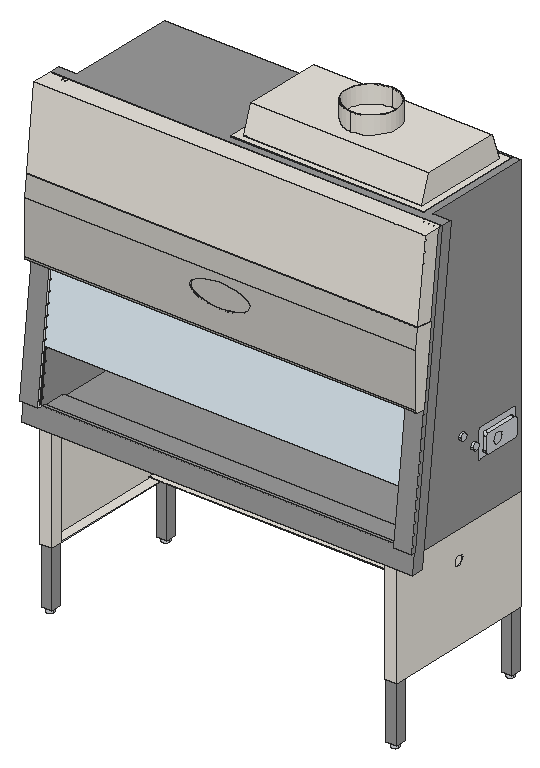
Revit family "NU-545_115V Class II Type A2 BSC", category Mechanical Equipment, Revit 2018
Family settings
  Round Connector Dimension = Use Diameter
  Part Type = Normal
  OmniClass Number = 23.75.00.00
  OmniClass Title = Climate Control (HVAC)
  Work Plane-Based = No
  Always vertical = Yes
  Cut with Voids When Loaded = No
  Shared = No
  Room Calculation Point = No
Parameters (values of type "NU-545-600")
  window width = 5' - 11 7/8"
  transition width = 2' - 11 3/8"
  transition depth = 1' - 7 1/8"
  exhaust ring inner = 0' - 4 15/16"
  exhaust door width = 2' - 7 3/16"
  crossbar = 5' - 10.1415"
  Workzone Width = 5' - 10 3/8"
  Overall Width = 6' - 5 9/16"
  Model = "NU-545-600"
  Manufacturer = "NuAire Inc."
  Exhaust Filter Width = 2' - 10 1/2"
  Exhaust Diameter = 0' - 10"
  Exhaust Center = 2' - 0"
  Description = "115V Class II, Type A2 Biological Safety Cabinet"
  Cabinet Width = 5' - 10 9/16"
  Cabinet Height = 4' - 10 7/8"
  Cabinet Depth = 2' - 7 3/64"
Types (5): name | window width | transition width | exhaust ring inner | exhaust door width | crossbar | Workzone Width | Overall Width | Model | Exhaust Filter Width | Exhaust Diameter | Exhaust Center | Cabinet Width | Cabinet Depth
  (no name) | 5' - 11 7/8" | 2' - 11 3/8" | 0' - 4 15/16" | 2' - 7 3/16" | 5' - 10.1415" | 5' - 10 3/8" | 6' - 5 9/16" | "NU-545-600" | 2' - 10 1/2" | 0' - 10" | 2' - 0" | 5' - 10 9/16" | 2' - 7 3/64"
  NU-545-600 | 5' - 11 7/8" | 2' - 11 3/8" | 0' - 4 15/16" | 2' - 7 3/16" | 5' - 10.1415" | 5' - 10 3/8" | 6' - 5 9/16" | "NU-545-600" | 2' - 10 1/2" | 0' - 10" | 2' - 0" | 5' - 10 9/16" | 2' - 7 3/64"
  NU-545-500 | 4' - 11 7/8" | 2' - 5 3/8" | 0' - 4 15/16" | 2' - 7 3/16" | 4' - 10 9/64" | 4' - 10 3/8" | 5' - 5 9/16" | "NU-545-500" | 2' - 4 1/2" | 0' - 10" | 1' - 9" | 4' - 10 9/16" | 2' - 6"
  NU-545-400 | 3' - 11 3/8" | 1' - 9 3/8" | 0' - 4 15/16" | 1' - 7 3/16" | 3' - 10 9/64" | 3' - 10 3/8" | 4' - 5 9/16" | "NU-545-400" | 1' - 8 1/2" | 0' - 10" | 1' - 5" | 3' - 10 9/16" | 2' - 7 7/16"
  NU-545-300 | 2' - 11 7/8" | 1' - 1 3/8" | 0' - 3 15/16" | 1' - 1 3/16" | 2' - 10 9/64" | 2' - 10 3/8" | 3' - 5 9/16" | "NU-545-300" | 1' - 0 1/2" | 0' - 8" | 1' - 1" | 2' - 10 9/16" | 2' - 6"
Reference planes (in)
  plane 1 "Center (Front/Back)": y = 0
  plane 2: z = 0
  plane 3 "Center (Left/Right)": x = 0
  plane 4: x = -35.28125
  plane 5: x = 35.28125
  plane 6: y = -31.04688
  plane 7 "Cabinet Base": z = 32.5
  plane 8 "Cabinet Top": z = 91.375
  plane 9: x = -38.78125
  plane 10: x = 38.78125
  plane 11: z = 12
  plane 12: z = 36.5
  plane 13: z = 89.703
  plane 14: z = 0.75
  plane 15: z = 12.074
  plane 16: z = 12.25
  plane 17: z = 22.21875
  plane 18: x = -35.07075
  plane 19: x = 35.07075
  plane 20: x = -35.9375
  plane 21: x = 35.9375
  plane 22: z = 68.23219
  plane 23: x = 36.3125
  plane 24: x = 35.34375
  plane 25: z = 99.875
Forms (in)
  Extrusion 1, solid
    sketch origin (0, 0, 0) x (0, 1, 0) y (0, 0, 1)
      loop
        line (0, 32.5) -> (0, 91.375) -> (-23.81793, 91.375) -> (-31.04688, 32.5) -> (0, 32.5)
    from -38.78125 to 38.78125
  Extrusion 2, void
    sketch origin (0, 0, 0) x (0, 1, 0) y (0, 0, 1)
      loop
        line (-21.67698, 91.375) -> (-28.90592, 32.5) -> (0, 32.5) -> (0, 91.375) -> (-21.67698, 91.375)
    from -38.78125 to -35.28125
  Extrusion 3, void
    sketch origin (0, 0, 0) x (0, 1, 0) y (0, 0, 1)
      loop
        line (-21.67698, 91.375) -> (-28.90592, 32.5) -> (0, 32.5) -> (0, 91.375) -> (-21.67698, 91.375)
    from 35.28125 to 38.78125
  Extrusion 4, void
    sketch origin (0, 0, 0) x (0, 1, 0) y (0, 0, 1)
      loop
        line (-30.55574, 36.5) -> (-29.93074, 36.5) -> (-29.93074, 36.1875) -> (-25.30574, 36.1875) -> (-25.30574, 35.6875) -> (-4.18074, 35.6875) -> (-4.18074, 63.9375) -> (-27.18684, 63.9375) -> (-30.55574, 36.5)
    from -35.1875 to 35.1875
  Extrusion 5, void
    sketch origin (0, 0, 91.375) x (1, 0, 0) y (0, -1, 0)
      loop
        line (31.98425, 2.047) -> (31.98425, 20.547) -> (-2.51575, 20.547) -> (-2.51575, 2.047) -> (31.98425, 2.047)
    from 0 to 1.672
  Extrusion 6, solid
    sketch origin (0, -31.04688, 32.5) x (1, 0, 0) y (0, -1, 0)
      loop
        line (35.28125, -31.04687) -> (35.28125, -0.29687) -> (32.96225, -0.29687) -> (32.96225, -2.54287) -> (35.13325, -2.54287) -> (35.13325, -28.80087) -> (32.96225, -28.80087) -> (32.96225, -31.04687) -> (35.28125, -31.04687)
      loop
        line (-35.28125, -31.04687) -> (-32.96225, -31.04687) -> (-32.96225, -28.80087) -> (-35.13325, -28.80087) -> (-35.13325, -2.54287) -> (-32.96225, -2.54287) -> (-32.96225, -0.29687) -> (-35.28125, -0.29687) -> (-35.28125, -31.04687)
    from 0 to 20.5
  Extrusion 7, solid
    sketch origin (0, -31.04688, 12) x (0, 1, 0) y (1, 0, 0)
      loop
        line (0.42187, -35.15625) -> (2.42187, -35.15625) -> (2.42187, -33.15625) -> (0.42187, -33.15625) -> (0.42187, -35.15625)
      loop
        line (0.42362, 35.15625) -> (0.42362, 33.15625) -> (2.42362, 33.15625) -> (2.42362, 35.15625) -> (0.42362, 35.15625)
      loop
        line (30.92187, 35.15625) -> (28.92187, 35.15625) -> (28.92187, 33.15625) -> (30.92187, 33.15625) -> (30.92187, 35.15625)
      loop
        line (28.92187, -35.15625) -> (30.92187, -35.15625) -> (30.92187, -33.15625) -> (28.92187, -33.15625) -> (28.92187, -35.15625)
    from 0 to 11.25
  Extrusion 8, solid
    sketch origin (0, -31.04688, 0.75) x (-1, 0, 0) y (0, 1, 0)
      loop
        circle (34.15625, 1.40689) r 0.75
      loop
        circle (-34.15625, 1.42362) r 0.75
      loop
        circle (-34.15625, 29.92187) r 0.75
      loop
        circle (34.15625, 29.92187) r 0.75
    from 0 to 0.75
  Extrusion 9, void
    sketch origin (0, 0, 0) x (0, 1, 0) y (0, 0, 1)
      loop
        circle (-15.375, 27) r 1
    from -35.28125 to 35.28125
  Extrusion 10, solid
    sketch origin (0, -31.04688, 12) x (0, 1, 0) y (1, 0, 0)
      loop
        line (2.54287, 35.13325) -> (2.54287, 32.96225) -> (28.80087, 32.96225) -> (28.80087, 35.13325) -> (2.54287, 35.13325)
      loop
        line (28.80087, -32.96225) -> (2.54287, -32.96225) -> (2.54287, -35.13325) -> (28.80087, -35.13325) -> (28.80087, -32.96225)
    from 0 to -0.074
  Extrusion 11, solid
    sketch origin (0, 0, 0) x (0, 1, 0) y (0, 0, 1)
      loop
        line (-4.246, 22.21875) -> (-4.246, 22.09375) -> (-2.3085, 22.09375) -> (-2.3085, 12.375) -> (-4.246, 12.375) -> (-4.246, 12.25) -> (-2.246, 12.25) -> (-2.246, 22.21875) -> (-4.246, 22.21875)
    from -35.07075 to 35.07075
  Extrusion 12, solid
    sketch origin (0, 0, 0) x (0, 1, 0) y (0, 0, 1)
      loop
        line (-30.58388, 36.27075) -> (-23.81793, 91.375) -> (-24.63905, 91.375) -> (-31.39281, 36.37008) -> (-30.58388, 36.27075)
    from 35.28125 to 38.78125
  Extrusion 13, solid
    sketch origin (-38.78125, 0, 0) x (0, -1, 0) y (0, 0, 1)
      loop
        line (23.81793, 91.375) -> (30.58388, 36.27075) -> (31.39281, 36.37008) -> (24.63905, 91.375) -> (23.81793, 91.375)
    from 0 to -3.5
  Extrusion 14, void
    sketch origin (0, 0.01127, -0.00138) x (0, 1, 0) y (0, 0, 1)
      loop
        line (-30.67749, 36.53412) -> (-23.9437, 91.37638) -> (-24.37407, 91.37638) -> (-31.10146, 36.58618) -> (-30.67749, 36.53412)
    from -35.9375 to 35.9375
  Extrusion 15, solid
    sketch origin (0, 0, 0) x (0, 1, 0) y (0, 0, 1)
      loop
        line (-29.44752, 46.4582) -> (-25.89029, 75.3651) -> (-26.07639, 75.388) -> (-29.63362, 46.48105) -> (-29.44752, 46.4582)
    from -35.9375 to 35.9375
  Extrusion 16, solid
    sketch origin (0, 0, 0) x (0, 1, 0) y (0, 0, 1)
      loop
        line (-24.63905, 91.375) -> (-23.81793, 91.375) -> (-23.81793, 91.4375) -> (-27.90579, 91.4375) -> (-29.79189, 76.07644) -> (-26.56611, 75.68036) -> (-24.63905, 91.375)
      loop
        line (-26.58135, 75.5563) -> (-29.80712, 75.95237) -> (-30.2946, 71.98219) -> (-30.2946, 61.39724)
        arc (-30.2946, 61.39724) -> (-30.15339, 61.02451) -> (-29.80065, 60.83893) r 0.5625
        line (-29.80065, 60.83893) -> (-28.40939, 60.6681) -> (-26.58135, 75.5563)
    from -38.78125 to 38.78125
  Extrusion 17, void
    sketch origin (0, -30.2946, 71.98219) x (0, 0, 1) y (1, 0, 0)
      loop
        spline (-3.71919, -5.96875) -> (-3.10786, -5.76537) -> (-2.53819, -5.16909) -> (-2.049, -4.22054) -> (-1.67363, -2.98438) -> (-1.43767, -1.54483) -> (-1.35719, 0) -> (-1.43767, 1.54483) -> (-1.67363, 2.98437) -> (-2.049, 4.22054) -> (-2.53819, 5.16909) -> (-3.10786, 5.76537) -> (-3.71919, 5.96875)
        spline (-3.71919, 5.96875) -> (-4.33052, 5.76537) -> (-4.90019, 5.16909) -> (-5.38937, 4.22054) -> (-5.76474, 2.98437) -> (-6.0007, 1.54483) -> (-6.08119, 0) -> (-6.0007, -1.54483) -> (-5.76474, -2.98438) -> (-5.38937, -4.22054) -> (-4.90019, -5.16909) -> (-4.33052, -5.76537) -> (-3.71919, -5.96875)
    from 0 to 0.07687
  Extrusion 18, void
    sketch origin (0, 0, 0) x (0, 1, 0) y (0, 0, 1)
      loop
        circle (-11.846, 45.958) r 0.5
      loop
        circle (-14.842, 48.958) r 0.5
    from -35.28125 to 35.28125
  Extrusion 19, solid
    sketch origin (-0.214, 0, 0) x (0, 1, 0) y (0, 0, 1)
      loop
        arc (-10.1875, 48.25) -> (-10.36428, 48.17678) -> (-10.4375, 48) r 0.25
        line (-10.4375, 48) -> (-10.4375, 43)
        arc (-10.4375, 43) -> (-10.36428, 42.82322) -> (-10.1875, 42.75) r 0.25
        line (-10.1875, 42.75) -> (-1.6875, 42.75)
        arc (-1.6875, 42.75) -> (-1.51072, 42.82322) -> (-1.4375, 43) r 0.25
        line (-1.4375, 43) -> (-1.4375, 48)
        arc (-1.4375, 48) -> (-1.51072, 48.17678) -> (-1.6875, 48.25) r 0.25
        line (-1.6875, 48.25) -> (-10.1875, 48.25)
      loop
        arc (-9.0625, 47.375) -> (-9.41605, 47.22855) -> (-9.5625, 46.875) r 0.5
        line (-9.5625, 46.875) -> (-9.5625, 44.125)
        arc (-9.5625, 44.125) -> (-9.41605, 43.77145) -> (-9.0625, 43.625) r 0.5
        line (-9.0625, 43.625) -> (-2.8125, 43.625)
        arc (-2.8125, 43.625) -> (-2.45895, 43.77145) -> (-2.3125, 44.125) r 0.5
        line (-2.3125, 44.125) -> (-2.3125, 46.875)
        arc (-2.3125, 46.875) -> (-2.45895, 47.22855) -> (-2.8125, 47.375) r 0.5
        line (-2.8125, 47.375) -> (-9.0625, 47.375)
    from 35.49525 to 35.55775
  Extrusion 20, solid
    sketch origin (35.28125, 0, 0) x (0, 1, 0) y (0, 0, 1)
      loop
        arc (-9.0625, 47.375) -> (-9.41605, 47.22855) -> (-9.5625, 46.875) r 0.5
        line (-9.5625, 46.875) -> (-9.5625, 44.125)
        arc (-9.5625, 44.125) -> (-9.41605, 43.77145) -> (-9.0625, 43.625) r 0.5
        line (-9.0625, 43.625) -> (-2.8125, 43.625)
        arc (-2.8125, 43.625) -> (-2.45895, 43.77145) -> (-2.3125, 44.125) r 0.5
        line (-2.3125, 44.125) -> (-2.3125, 46.875)
        arc (-2.3125, 46.875) -> (-2.45895, 47.22855) -> (-2.8125, 47.375) r 0.5
        line (-2.8125, 47.375) -> (-9.0625, 47.375)
    from 0 to 1.03125
  Extrusion 21, void
    sketch origin (0, 0, 0) x (0, 1, 0) y (0, 0, 1)
      loop
        circle (-6.9375, 45.5) r 1.12448
    from 36.20767 to 36.3125
  Extrusion 22, solid
    sketch origin (1.48425, -3.8441, 96.375) x (0, -1, 0) y (1, 0, 0)
      loop
        circle (7.4684, 13.297) r 5
      loop
        circle (7.4684, 13.297) r 4.9375
    from 0 to 3.5
  Extrusion 23, solid
    sketch origin (0, 0, 91.375) x (0, -1, 0) y (1, 0, 0)
      loop
        line (1.7345, -2.95325) -> (20.8595, -2.95325) -> (20.8595, 32.42175) -> (1.7345, 32.42175) -> (1.7345, -2.95325)
      loop
        line (0.3595, -4.32825) -> (22.2345, -4.32825) -> (22.2345, 33.79675) -> (0.3595, 33.79675) -> (0.3595, -4.32825)
    from 0 to 0.0625
  Extrusion 24, solid
    sketch origin (0, 0, 0) x (0, 1, 0) y (0, 0, 1)
      loop
        line (-20.8595, 91.375) -> (-1.7345, 91.375) -> (-1.7345, 91.4375) -> (-3.5316, 96.375) -> (-19.0624, 96.375) -> (-20.8595, 91.4375) -> (-20.8595, 91.375)
    from -2.95325 to 32.42175
  Extrusion 25, solid
    sketch origin (0, -21.67698, 91.375) x (0, -0.121869, -0.992546) y (-1, 0, 0)
      loop
        circle (57.52663, 36.96723) r 0.5
    from 0 to 0.0987
  Extrusion 26, solid
    sketch origin (0, 0, 0) x (0, 1, 0) y (0, 0, 1)
      loop
        circle (-11.846, 45.958) r 0.625
      loop
        circle (-14.846, 48.954) r 0.625
    from 35.28125 to 35.9375
  Extrusion 27, solid
    sketch origin (-35.28125, 0, 0) x (0, -1, 0) y (0, 0, 1)
      loop
        circle (14.84766, 48.954) r 0.625
      loop
        circle (11.846, 45.95312) r 0.625
    from 0 to 0.65625
Cuts and joins
  Extrusion 2, Extrusion 3, Extrusion 4, Extrusion 5, Extrusion 17, Extrusion 18 cuts Extrusion 1
  Extrusion 9 cuts Extrusion 6
  Extrusion 14, Extrusion 18 cuts Extrusion 13
  Extrusion 14 cuts Extrusion 12
  Extrusion 17 cuts Extrusion 15
  Extrusion 17 cuts Extrusion 16
  Extrusion 21 cuts Extrusion 20
  joined: Extrusion 19, Extrusion 20
Dimensions and locks (in)
  equal spacing: plane 4, plane 3 "Center (Left/Right)", plane 5
  "Cabinet Width": plane 4 to plane 5
  "Cabinet Depth": plane 1 "Center (Front/Back)" to plane 6
  "Cabinet Height": plane 8 "Cabinet Top" to plane 7 "Cabinet Base"
  equal spacing: plane 10, plane 3 "Center (Left/Right)", plane 9
  "Overall Width": plane 10 to plane 9
  plane 7 "Cabinet Base" to Extrusion 1 = 4' - 10 7/8"
  locked: Extrusion 2 sketch curve to Extrusion 1 at 2.125
  Extrusion 2 to plane 7 "Cabinet Base" = 4' - 10 7/8"
  locked: cut or joined group of Extrusion 1, Extrusion 2, Extrusion 3, Extrusion 4, Extrusion 5, Extrusion 17, Extrusion 18 to Extrusion 3 sketch curve at 2.125
  Extrusion 3 to plane 7 "Cabinet Base" = 4' - 10 7/8"
  plane 7 "Cabinet Base" to level = 2' - 8 1/2"
  equal spacing: cut or joined group of Extrusion 1, Extrusion 2, Extrusion 3, Extrusion 4, Extrusion 5, Extrusion 17, Extrusion 18, plane 3 "Center (Left/Right)", cut or joined group of Extrusion 1, Extrusion 2, Extrusion 3, Extrusion 4, Extrusion 5, Extrusion 17, Extrusion 18
  "Workzone Width": cut or joined group of Extrusion 1, Extrusion 2, Extrusion 3, Extrusion 4, Extrusion 5, Extrusion 17, Extrusion 18 to cut or joined group of Extrusion 1, Extrusion 2, Extrusion 3, Extrusion 4, Extrusion 5, Extrusion 17, Extrusion 18
  locked: Extrusion 5 sketch curve to plane 5 at 3.297
  "Exhaust Filter Width": Extrusion 5 sketch curve to Extrusion 5 sketch curve
  locked: Extrusion 5 sketch curve to plane 1 "Center (Front/Back)" at 2.047
  Extrusion 5 sketch curve to Extrusion 5 sketch curve = 1' - 6 1/2"
  locked: Extrusion 6 to Extrusion 7 sketch curve at 0.125
  locked: Extrusion 7 sketch curve to Extrusion 6 at 0.125  (x4)
  Extrusion 7 sketch curve to Extrusion 7 sketch curve = 0' - 2"  (x8)
  Extrusion 6 to Extrusion 7 sketch curve = 0' - 0 1/8"  (x2)
  Extrusion 6 to Extrusion 7 sketch curve = 0' - 0.12674"
  Extrusion 8 sketch curve to Extrusion 7 = 0' - 1"  (x2)
  Extrusion 7 to Extrusion 8 sketch curve = 0' - 0.98502"
  Extrusion 7 to Extrusion 8 sketch curve = 0' - 1"  (x5)
  Extrusion 6 to Extrusion 9 sketch curve = 0' - 5 1/2"
  Extrusion 6 to Extrusion 9 sketch curve = 1' - 3 3/8"
  equal spacing: plane 19, plane 3 "Center (Left/Right)", plane 18
  "crossbar": plane 19 to plane 18
  cut or joined group of Extrusion 1, Extrusion 2, Extrusion 3, Extrusion 4, Extrusion 5, Extrusion 17, Extrusion 18 to Extrusion 12 sketch curve = 0' - 0.815"
  Extrusion 13 to Extrusion 14 sketch curve = 0' - 0.11365"
  Extrusion 14 sketch curve to Extrusion 14 sketch curve = 0' - 0.42716"
  Extrusion 13 to Extrusion 14 sketch curve = 0' - 0 1/4"
  equal spacing: plane 21, plane 3 "Center (Left/Right)", plane 20
  "window width": plane 21 to plane 20
  cut or joined group of Extrusion 13, Extrusion 14, Extrusion 18 to Extrusion 15 sketch curve to Extrusion 15 sketch curve = 0' - 10", 2' - 5 1/8" locked
  equal spacing: Extrusion 15, plane 3 "Center (Left/Right)", Extrusion 15
  "window width": Extrusion 15 to Extrusion 15
  locked: Extrusion 16 sketch curve to Extrusion 16 sketch curve at 15
  locked: Extrusion 16 sketch curve to Extrusion 16 sketch curve at 4
  Extrusion 16 sketch curve to Extrusion 16 sketch curve = 2' - 6 15/16"
  equal spacing: Extrusion 16, plane 3 "Center (Left/Right)", Extrusion 16
  "Overall Width": Extrusion 16 to Extrusion 16
  equal spacing: plane 10, Extrusion 17 sketch curve, plane 9
  Extrusion 18 sketch curve to cut or joined group of Extrusion 1, Extrusion 2, Extrusion 3, Extrusion 4, Extrusion 5, Extrusion 17, Extrusion 18 = 1' - 2.842"
  Extrusion 18 sketch curve to cut or joined group of Extrusion 6, Extrusion 9 = 1' - 1.458"
  Extrusion 18 sketch curve to cut or joined group of Extrusion 6, Extrusion 9 = 1' - 4.458"
  Extrusion 19 sketch curve to cut or joined group of Extrusion 1, Extrusion 2, Extrusion 3, Extrusion 4, Extrusion 5, Extrusion 17, Extrusion 18 = 0' - 1 7/16"
  Extrusion 19 sketch curve to Extrusion 19 sketch curve = 0' - 9"
  Extrusion 19 sketch curve to cut or joined group of Extrusion 6, Extrusion 9 = 0' - 10 1/4"
  Extrusion 19 sketch curve to Extrusion 19 sketch curve = 0' - 5 1/2"
  Extrusion 19 sketch curve to Extrusion 19 sketch curve = 0' - 3 3/4"
  Extrusion 19 sketch curve to Extrusion 19 sketch curve = 0' - 7 1/4"
  Extrusion 19 sketch curve to Extrusion 19 sketch curve = 0' - 0 7/8"
  plane 10 to plane 23 to cut or joined group of Extrusion 1, Extrusion 2, Extrusion 3, Extrusion 4, Extrusion 5, Extrusion 17, Extrusion 18 = 0' - 2 15/32" locked, 0' - 1 1/32" locked
  Extrusion 21 sketch curve to cut or joined group of Extrusion 6, Extrusion 9 = 1' - 1"
  Extrusion 21 sketch curve to cut or joined group of Extrusion 1, Extrusion 2, Extrusion 3, Extrusion 4, Extrusion 5, Extrusion 17, Extrusion 18 = 0' - 6 15/16"
  plane 23 to plane 24 to cut or joined group of Extrusion 19, Extrusion 20, Extrusion 21 = 0' - 0 31/32" locked, 0' - 0 1/16" locked
  locked: cut or joined group of Extrusion 19, Extrusion 20, Extrusion 21 to cut or joined group of Extrusion 19, Extrusion 20, Extrusion 21 at 0.10483
  locked: cut or joined group of Extrusion 1, Extrusion 2, Extrusion 3, Extrusion 4, Extrusion 5, Extrusion 17, Extrusion 18 to plane 23 at 1.03125
  "Exhaust Center": Extrusion 22 sketch curve to cut or joined group of Extrusion 1, Extrusion 2, Extrusion 3, Extrusion 4, Extrusion 5, Extrusion 17, Extrusion 18
  cut or joined group of Extrusion 1, Extrusion 2, Extrusion 3, Extrusion 4, Extrusion 5, Extrusion 17, Extrusion 18 to Extrusion 22 sketch curve = 0' - 11 5/16"
  "transition width": Extrusion 23 sketch curve to Extrusion 23 sketch curve
  "transition depth": Extrusion 23 sketch curve to Extrusion 23 sketch curve
  locked: Extrusion 23 sketch curve to cut or joined group of Extrusion 1, Extrusion 2, Extrusion 3, Extrusion 4, Extrusion 5, Extrusion 17, Extrusion 18 at 0.3125
  cut or joined group of Extrusion 1, Extrusion 2, Extrusion 3, Extrusion 4, Extrusion 5, Extrusion 17, Extrusion 18 to Extrusion 23 sketch curve = 0' - 0 7/16"
  locked: Extrusion 23 sketch curve to cut or joined group of Extrusion 1, Extrusion 2, Extrusion 3, Extrusion 4, Extrusion 5, Extrusion 17, Extrusion 18 at 0.4375
  locked: Extrusion 23 sketch curve to Extrusion 23 sketch curve at 1.375  (x3)
  locked: Extrusion 23 sketch curve to Extrusion 23 sketch curve at 21.875
  Extrusion 25 sketch curve to cut or joined group of Extrusion 1, Extrusion 2, Extrusion 3, Extrusion 4, Extrusion 5, Extrusion 17, Extrusion 18 = 0' - 1.79051"
  cut or joined group of Extrusion 1, Extrusion 2, Extrusion 3, Extrusion 4, Extrusion 5, Extrusion 17, Extrusion 18 to Extrusion 25 sketch curve = 0' - 1.81402"
  Extrusion 18 sketch curve to cut or joined group of Extrusion 1, Extrusion 2, Extrusion 3, Extrusion 4, Extrusion 5, Extrusion 17, Extrusion 18 = 0' - 11.846"
  Extrusion 26 sketch curve to cut or joined group of Extrusion 6, Extrusion 9 = 1' - 1.458"
  Extrusion 26 sketch curve to cut or joined group of Extrusion 6, Extrusion 9 = 1' - 4.454"
  Extrusion 26 sketch curve to cut or joined group of Extrusion 1, Extrusion 2, Extrusion 3, Extrusion 4, Extrusion 5, Extrusion 17, Extrusion 18 = 0' - 11.846"
  Extrusion 26 sketch curve to cut or joined group of Extrusion 1, Extrusion 2, Extrusion 3, Extrusion 4, Extrusion 5, Extrusion 17, Extrusion 18 = 1' - 2.846"
  Extrusion 27 sketch curve to cut or joined group of Extrusion 6, Extrusion 9 = 1' - 1 29/64"
  Extrusion 27 sketch curve to cut or joined group of Extrusion 6, Extrusion 9 = 1' - 4.454"
  cut or joined group of Extrusion 1, Extrusion 2, Extrusion 3, Extrusion 4, Extrusion 5, Extrusion 17, Extrusion 18 to Extrusion 27 sketch curve = 0' - 11.846"
  cut or joined group of Extrusion 1, Extrusion 2, Extrusion 3, Extrusion 4, Extrusion 5, Extrusion 17, Extrusion 18 to Extrusion 27 sketch curve = 1' - 2 217/256"
  "Exhaust Diameter": diameter of Extrusion 22 sketch curve
  "exhaust ring inner": radius of Extrusion 22 sketch curve
  locked: plane 6 to Extrusion 1 sketch curve (angle 7.00°)
  aligned and locked: level to plane 2
  aligned and locked: plane 1 "Center (Front/Back)" to Extrusion 1 sketch curve
  aligned and locked: plane 8 "Cabinet Top" to Extrusion 1 sketch curve
  aligned and locked: plane 7 "Cabinet Base" to Extrusion 1 sketch curve
  aligned and locked: Extrusion 1 to plane 9
  aligned and locked: Extrusion 1 to plane 10
  aligned and locked: Extrusion 2 sketch curve to Extrusion 1  (x3)
  aligned and locked: Extrusion 2 to plane 9
  aligned and locked: plane 4 to Extrusion 2
  aligned and locked: cut or joined group of Extrusion 1, Extrusion 2, Extrusion 3, Extrusion 4, Extrusion 5, Extrusion 17, Extrusion 18 to Extrusion 3 sketch curve  (x2)
  aligned and locked: Extrusion 3 sketch curve to cut or joined group of Extrusion 1, Extrusion 2, Extrusion 3, Extrusion 4, Extrusion 5, Extrusion 17, Extrusion 18
  aligned and locked: Extrusion 3 to plane 10
  aligned and locked: Extrusion 3 to plane 5
  aligned and locked: Extrusion 5 to plane 13
  aligned and locked: Extrusion 6 to plane 11
  aligned and locked: Extrusion 6 to plane 7 "Cabinet Base"
  aligned and locked: plane 14 to Extrusion 7
  aligned and locked: Extrusion 8 to level
  aligned and locked: plane 5 to Extrusion 9
  aligned and locked: Extrusion 9 to plane 4
  aligned and locked: Extrusion 10 sketch curve to cut or joined group of Extrusion 6, Extrusion 9  (x8)
  aligned and locked: plane 15 to Extrusion 10
  aligned and locked: Extrusion 11 to plane 18
  aligned and locked: plane 19 to Extrusion 11
  aligned and locked: plane 8 "Cabinet Top" to Extrusion 12 sketch curve
  aligned and locked: Extrusion 12 to plane 10
  aligned and locked: Extrusion 12 to plane 5
  aligned and locked: plane 8 "Cabinet Top" to Extrusion 13 sketch curve
  aligned and locked: cut or joined group of Extrusion 1, Extrusion 2, Extrusion 3, Extrusion 4, Extrusion 5, Extrusion 17, Extrusion 18 to Extrusion 13 sketch curve
  aligned and locked: Extrusion 13 sketch curve to Extrusion 12  (x2)
  aligned and locked: plane 4 to Extrusion 13
  aligned and locked: Extrusion 14 to plane 20
  aligned and locked: Extrusion 14 to plane 21
  aligned and locked: Extrusion 14 to plane 8 "Cabinet Top"
  aligned and locked: plane 5 to Extrusion 18
  aligned and locked: Extrusion 18 to plane 4
  aligned and locked: Extrusion 19 to plane 5
  aligned and locked: Extrusion 19 to Extrusion 20 sketch curve  (x4)
  aligned and locked: Extrusion 20 to plane 23
  aligned and locked: Extrusion 21 to plane 23
  aligned and locked: Extrusion 20 to plane 5
  aligned and locked: Extrusion 19 to plane 24
  aligned and locked: Extrusion 22 to plane 25
  aligned and locked: cut or joined group of Extrusion 16, Extrusion 17 to Extrusion 23
  aligned and locked: Extrusion 24 sketch curve to Extrusion 23  (x3)
  aligned and locked: Extrusion 24 to Extrusion 23  (x2)
  aligned and locked: Extrusion 22 to Extrusion 24
  aligned and locked: Extrusion 26 to plane 5
  aligned and locked: Extrusion 27 to plane 20
  aligned and locked: plane 21 to Extrusion 26
Automatic sketch dimensions
  Extrusion 1 sketch curve to plane 6 = 0' - 0"
  plane 12 to Extrusion 4 sketch curve = 0' - 0"
  plane 6 to Extrusion 4 sketch curve = 0' - 0.49114"
  plane 12 to Extrusion 4 sketch curve = 0' - 0 5/16"
  Extrusion 4 sketch curve to Extrusion 4 sketch curve = 0' - 0 5/8"
  plane 6 to Extrusion 4 sketch curve = 0' - 3.86004"
  plane 12 to Extrusion 4 sketch curve = 0' - 0 13/16"
  Extrusion 4 sketch curve to Extrusion 4 sketch curve = 0' - 4 5/8"
  plane 1 "Center (Front/Back)" to Extrusion 4 sketch curve = 0' - 4.18074"
  Extrusion 4 sketch curve to plane 13 = 2' - 1.7655"
  Extrusion 1 to Extrusion 6 sketch curve = 0' - 0"  (x2)
  Extrusion 6 sketch curve to Extrusion 1 = 0' - 3 1/2"
  Extrusion 6 sketch curve to Extrusion 6 sketch curve = 0' - 0.148"  (x2)
  Extrusion 6 sketch curve to Extrusion 6 sketch curve = 0' - 2.171"  (x3)
  Extrusion 1 to Extrusion 6 sketch curve = 0' - 2.246"  (x2)
  Extrusion 6 sketch curve to Extrusion 1 = 0' - 5.819"  (x2)
  Extrusion 6 sketch curve to Extrusion 1 = 0' - 0 19/64"  (x2)
  Extrusion 6 sketch curve to Extrusion 6 sketch curve = 0' - 2.246"  (x2)
  Extrusion 11 sketch curve to plane 17 = 0' - 0"
  Extrusion 11 sketch curve to plane 16 = 0' - 0"
  plane 1 "Center (Front/Back)" to Extrusion 11 sketch curve = 0' - 4.246"  (x2)
  plane 16 to Extrusion 11 sketch curve = 0' - 0 1/8"
  Extrusion 11 sketch curve to Extrusion 11 sketch curve = 0' - 1 15/16"
  Extrusion 11 sketch curve to Extrusion 11 sketch curve = 0' - 0 1/16"
  Extrusion 11 sketch curve to Extrusion 11 sketch curve = 0' - 0 1/8"
  plane 6 to Extrusion 12 sketch curve = 0' - 0.46299"
  Extrusion 12 sketch curve to plane 6 = 0' - 0.34593"
  plane 8 "Cabinet Top" to Extrusion 14 sketch curve = 0' - 0"
  Extrusion 15 sketch curve to Extrusion 15 sketch curve = 0' - 0.1861"
  plane 6 to Extrusion 15 sketch curve = 0' - 1.41325"
  plane 6 to Extrusion 15 sketch curve = 0' - 4.97049"
  level to Extrusion 15 sketch curve = 6' - 3.3651"
  plane 8 "Cabinet Top" to Extrusion 16 sketch curve = 0' - 0"
  Extrusion 16 sketch curve to Extrusion 16 sketch curve = 0' - 0.01523"  (x2)
  Extrusion 16 sketch curve to Extrusion 16 sketch curve = 0' - 1.39126"
  Extrusion 16 sketch curve to plane 8 "Cabinet Top" = 0' - 0 1/16"
  Extrusion 16 sketch curve to Extrusion 16 sketch curve = 0' - 0.82112"
  Extrusion 16 sketch curve to Extrusion 16 sketch curve = 0' - 0.12407"
  plane 6 to Extrusion 16 sketch curve = 0' - 0.75228"
  plane 6 to Extrusion 16 sketch curve = 0' - 1.23975"
  Extrusion 16 sketch curve to Extrusion 16 sketch curve = 0' - 0.49395"
  plane 6 to Extrusion 16 sketch curve = 0' - 3.14109"
  Extrusion 17 sketch curve to Extrusion 16 = 0' - 3.71919"
  Extrusion 17 sketch curve to Extrusion 17 sketch curve = 0' - 5 31/32"
  Extrusion 19 sketch curve to Extrusion 19 sketch curve = 0' - 0 1/4"  (x4)
  Extrusion 19 sketch curve to Extrusion 19 sketch curve = 0' - 0 5/8"
  Extrusion 19 sketch curve to Extrusion 19 sketch curve = 0' - 0 1/2"  (x4)
  Extrusion 20 sketch curve to Extrusion 20 sketch curve = 0' - 0 1/2"  (x4)
  Extrusion 24 sketch curve to plane 25 = 0' - 3 1/2"
  Extrusion 24 sketch curve to Extrusion 24 sketch curve = 0' - 1.7971"
  plane 1 "Center (Front/Back)" to Extrusion 24 sketch curve = 0' - 3.5316"
  Extrusion 24 sketch curve to plane 8 "Cabinet Top" = 0' - 0 1/16"  (x2)
  Extrusion 22 sketch curve to Extrusion 22 sketch curve = 0' - 0"  (x2)
  radius of Extrusion 8 sketch curve = 0' - 0 3/4"  (x4)
  radius of Extrusion 9 sketch curve = 0' - 1"
  radius of Extrusion 18 sketch curve = 0' - 0 1/2"  (x2)
  radius of Extrusion 21 sketch curve = 0' - 1.12448"
  radius of Extrusion 25 sketch curve = 0' - 0 1/2"
  radius of Extrusion 26 sketch curve = 0' - 0 5/8"  (x2)
  radius of Extrusion 27 sketch curve = 0' - 0 5/8"  (x2)
Connectors (in)
  hvac at (14.78125, -11.3125, 99.875), driven by "Exhaust Diameter"
    settings: on Extrusion 22, index 1, duct flow 0 CFM, flow factor 0, pres drop 0.00 in-wg, loss coef 0, conn angle 0.00°, conn width 12", conn height 12", conn diameter 10", duct sys type 3, conn prof type 0, flow config 0, flow direction 2, loss method 0, conn ref index -1, conn util no, is conn primary yes, conn desc ""
  piping at (35.9375, -11.846, 45.958), diameter 0.875
    settings: on Extrusion 26, index 2, connector inside diameter 24", connector length 0' - 0", flow factor 0, pipe flow 0 GPM, pressure drop 0.00 psi, fitting loss kfactor 0, connector angle 0.00°, fixture units 0, engagement length 0' - 0", angle of deflection 0.00°, flow configuration 0, flow direction 1, fitting loss method 0, system type 28, joint type 0, gender type 0, connector reference index -1, connector utility 0, adjustable connector no, is connector primary yes, connector description ""
  piping at (35.9375, -14.846, 48.954), diameter 0.875
    settings: on Extrusion 26, index 3, connector inside diameter 24", connector length 0' - 0", flow factor 0, pipe flow 0 GPM, pressure drop 0.00 psi, fitting loss kfactor 0, connector angle 0.00°, fixture units 0, engagement length 0' - 0", angle of deflection 0.00°, flow configuration 0, flow direction 0, fitting loss method 0, system type 28, joint type 0, gender type 0, connector reference index -1, connector utility 0, adjustable connector no, is connector primary no, connector description ""
  electrical at (-36.96723, -28.58974, 34.26514)
    settings: on Extrusion 25, index 4, voltage 115 V, apparent load 0 VA, apparent load phase1 0 VA, apparent load phase2 0 VA, apparent load phase3 0 VA, power factor 1, load classification "Power", number of poles 2, system type 31, power factor state 1, is connector primary yes, connector utility yes, sub classification motor no, connector description ""
